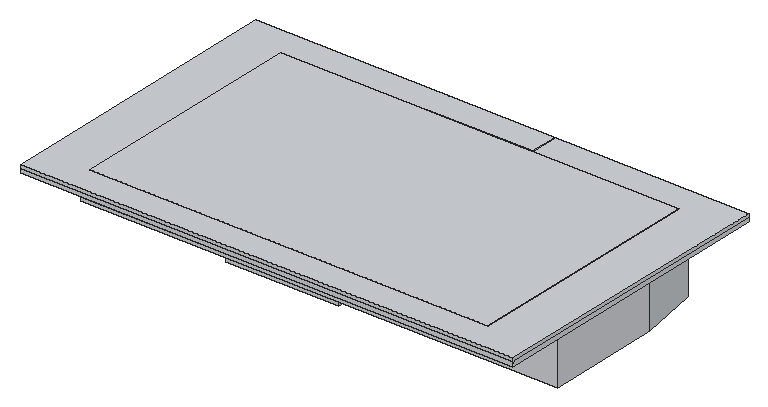
Revit family "Gira_206800", category Electrical Fixtures, host Face, Revit 2017
Family settings
  Host = Face
  Maintain Annotation Orientation = Yes
  Round Connector Dimension = Use Diameter
  Part Type = Normal
  Cut with Voids When Loaded = No
  Shared = No
  Room Calculation Point = No
Parameters
  Zentrale Funktionseinheit für Sender/Aktoren = "Ja"
  Werkstoffgüte = "sonstige"
  Werkstoff = "sonstige"
  Verfügbar = "Ja"
  URL = "http://katalog.gira.de/de_DE/datenblatt.html?artikelnr=206800"
  Transparent = "Nein"
  Schutzart (IP) = "IP20"
  Region = "DE"
  Oberfläche = "sonstige"
  Name = "Gira Control 19 Client 2 Elektronik"
  Montageart = "unter Putz"
  Mit Display = "Ja"
  Mit Busankopplung = "Ja"
  Manufacturer URL = "https://www.gira.de/"
  Kategorie = "Bussystem-Mehrfach Bediengerät"
  Manufacturer = "Gira"
  HeinzeBIM = "https://bimportal.heinze.de/bim/gira-control-19-client-2-elektronik/90bf491beb7395028b819c59b54ca369195fcbc3"
  HAN = "206800"
  GTIN = "4010337022367"
  Funk bidirektional = "Nein"
  Data sheet (1) = "https://katalog.gira.de/de_DE/download.html?artikelnr=206800"
  Category = "Bussystem-Mehrfach Bediengerät"
  Bussystem Powernet = "Nein"
  Bussystem LON = "Nein"
  Bussystem KNX-Funk = "Nein"
  Bussystem KNX = "Ja"
  Bussystem Funkbus = "Nein"
  Description = "Gira Control 19 Client 2   Der Gira Control 19 Client ist eine Anzeige- und Bedieneinheit zum Anschluss an den Gira HomeServer oder den Gira FacilityServer. Das Gerät ist PC-basiert und verfügt über einen TFT-Touchscreen mit 47 cm (19) Bilddiagonale.  Merkmale: - Visualisierung und Bedienung von Funktionen in der Gebäudesystemtechnik in Verbindung mit dem Gira HomeServer und oder dem Gira FacilityServer. - Anzeige von e-mails. - Wiedergabe von akustischen Signalen. - Als Wohnungsstation (mittels TKS-IP-Gateway) in Türkommunikationsanlagen geeignet. Gerätemerkmale: - PC mit Touchscreen. - Integriertes Netzteil. - Integrierter Lautsprecher. - Integriertes Mikrofon.  Software: Betriebssystem Microsoft(r) Windows(r) embedded Standard 7.:   Hinweise : - Kann auch in bestehende Gira Pro-face ServerClient 15 Gerätedosen verbaut werden. - Nur zur Verwendung im Innenbereich geeignet. - Anwendungsbereiche:    - Betrieb in stationärer Umgebung..   - Betrieb nur unter Umgebungsbedingungen die den Spezifikationen hinsichtlich Temperatur, Feuchte, Staub, Vibration usw. entsprechen.. - Der Gira AppShop ist der Marktplatz für interessante Lösungen und Anwendungen der intelligenten Gebäudetechnik. Inzwischen sind dort mehr als 200 Apps erhältlich, darunter Anwendungsbeschreibungen, Plug-ins, Funktionsvorlagen, Logikbausteine und Musterprojekte. Entdecken Sie jetzt Anwendungen für den Gira Control 19 Client 2.   www.appshop.gira.de."
  Keynote = "GiraHomeServer_GC19 Client"
  Default Elevation = 1219.2 mm
  BIM (1) = "https://media.live.bim.site/public/gira/9fde4c0/GiraHomeServer_GC19 Client.rfa?public/gira/9fde4c0/GiraHomeServer_GC19 Client.rfa"
  Available = "Yes"
  Ausführung der Oberfläche = "nicht zutreffend"
  Andere Bussysteme = "ohne"
Reference planes
  plane 1 "Center (Front/Back)": y = 0
  plane 2: z = 0
  plane 3 "Center (Left/Right)": x = 0
Forms (mm)
  Extrusion 1, solid, detail levels fine
    sketch origin (0, 0, 0) x (1, 0, 0) y (0, 1, 0)
      loop
        line (-216.7, -129.85) -> (216.7, -129.85) -> (216.7, 129.85) -> (-216.7, 129.85) -> (-216.7, -129.85)
    from 4 to 8.5
  Extrusion 2, solid, detail levels fine
    sketch origin (0, 0, 0) x (1, 0, 0) y (0, 1, 0)
      loop
        line (-57.5, 129.85) -> (57.5, 129.85) -> (57.5, 160) -> (-57.5, 160) -> (-57.5, 129.85)
    from 4 to 8.4
  Extrusion 3, solid, detail levels fine
    sketch origin (0, 0, 0) x (1, 0, 0) y (0, 1, 0)
      loop
        line (-268, -160) -> (268, -160) -> (268, 160) -> (-268, 160) -> (-268, -160)
    from 0 to 4
  Extrusion 4, solid, detail levels fine
    sketch origin (0, 0, 0) x (1, 0, 0) y (0, 1, 0)
      loop
        line (-247.541, 104.273) -> (-259.4, 37.016) -> (-259.4, -88) -> (259.4, -88) -> (259.4, 37.016) -> (247.629, 103.771) -> (211.4, 140) -> (-211.814, 140) -> (-247.541, 104.273)
    from -55.1 to 0
  Extrusion 5, solid, detail levels fine
    sketch origin (0, 0, 0) x (1, 0, 0) y (0, 1, 0)
      loop
        line (217.75, -140.25) -> (217.75, -88) -> (-217.75, -88) -> (-217.75, -140.25) -> (217.75, -140.25)
    from 0 to -14
  Extrusion 6, solid, detail levels fine
    sketch origin (0, 0, 0) x (-1, 0, 0) y (0, -1, 0)
      loop
        line (-15.978, 82.25) -> (-15.978, -14.657) -> (107.001, -14.657) -> (107.001, 82.25) -> (-15.978, 82.25)
    from -64 to -55.1
  Extrusion 7, solid, detail levels fine
    sketch origin (0, 0, 0) x (1, 0, 0) y (0, 0, 1)
      loop
        line (-17.926, -32.14) -> (-17.926, -46.14) -> (-0.926, -46.14) -> (-0.926, -32.14) -> (-17.926, -32.14)
    from 88 to 90
  Extrusion 8, solid, detail levels fine
    sketch origin (37.176, 0, 0) x (1, 0, 0) y (0, 0, 1)
      loop
        line (-36.153, -45.99) -> (-19.887, -45.99) -> (-19.887, -31.49) -> (-36.153, -31.49) -> (-36.153, -45.99)
    from 88 to 90
  Extrusion 9, solid, detail levels fine
    sketch origin (-3.847, 0, 0) x (1, 0, 0) y (0, 0, 1)
      loop
        line (-33.956, -45.59) -> (-16.256, -45.59) -> (-16.256, -39.16) -> (-33.956, -39.16) -> (-33.956, -45.59)
    from 88 to 90
  Extrusion 10, solid, detail levels fine
    sketch origin (-76.389, 0, 0) x (1, 0, 0) y (0, 0, 1)
      loop
        line (-31.824, -47.715) -> (0.002, -47.715) -> (0.002, -35.715) -> (-31.824, -35.715) -> (-31.824, -47.715)
    from 88 to 90
  Extrusion 11, solid, detail levels fine
    sketch origin (-41.389, 0, 0) x (1, 0, 0) y (0, 0, 1)
      loop
        line (-31.824, -47.715) -> (0.002, -47.715) -> (0.002, -35.715) -> (-31.824, -35.715) -> (-31.824, -47.715)
    from 88 to 90
  Extrusion 12, solid, detail levels fine
    sketch origin (82.667, 0, 0) x (1, 0, 0) y (0, 0, 1)
      loop
        line (-55.447, -47.85) -> (-19.887, -47.85) -> (-19.887, -30.311) -> (-55.447, -30.311) -> (-55.447, -47.85)
    from 88 to 90
  Extrusion 13, solid, detail levels fine
    sketch origin (112.667, 0, 0) x (1, 0, 0) y (0, 0, 1)
      loop
        circle (-32.667, -39.1) r 7.4
    from 88 to 90
  Extrusion 14, solid, detail levels coarse
    sketch origin (0, 0, 0) x (1, 0, 0) y (0, 1, 0)
      loop
        line (-268, -160) -> (268, -160) -> (268, 160) -> (-268, 160) -> (-268, -160)
    from -64 to 8.5
  Extrusion 15, solid, detail levels medium+fine
    sketch origin (0, 0, 0) x (1, 0, 0) y (0, 1, 0)
      loop
        line (-268, -160) -> (268, -160) -> (268, 160) -> (-268, 160) -> (-268, -160)
    from 0 to 8.5
  Extrusion 16, solid, detail levels medium
    sketch origin (0, 0, 0) x (1, 0, 0) y (0, 1, 0)
      loop
        line (-259.4, -88) -> (259.4, -88) -> (259.4, 140) -> (-259.4, 140) -> (-259.4, -88)
    from -55.1 to 0
Dimensions and locks
  aligned and locked: plane 2 to host face
  aligned and locked: level to host face
  aligned and locked: plane 3 "Center (Left/Right)" to nested 1
  aligned and locked: plane 1 "Center (Front/Back)" to nested 1
Nested families
  nested 1: "Home server" at (0, 0, 0), type "Home server"
Connectors
  electrical at (-9.426, -90, -39.14)
    settings: on Extrusion 7, index 1, voltage 0 V, apparent load 0 VA, apparent load phase1 0 VA, apparent load phase2 0 VA, apparent load phase3 0 VA, power factor 1, load classification "Other", number of poles 1, system type 5, power factor state 1, is connector primary yes, connector utility no, sub classification motor no, connector description ""
  electrical at (0, 0, -64)
    settings: on Extrusion 14, index 2, voltage 240 V, apparent load 0 VA, apparent load phase1 0 VA, apparent load phase2 0 VA, apparent load phase3 0 VA, power factor 1, load classification "Other", number of poles 1, system type 30, power factor state 1, is connector primary no, connector utility no, sub classification motor no, connector description ""
Definition of nested family "Home server"
  Reference planes
    plane 1: y = 0
    plane 2: x = 0
  Lines and regions (mm)
    detail lines
      curve 1: line (-0.526, 1.505, 0) -> (-0.768, 1.505, 0)
      curve 2: line (-0.775, 0.889, 0) -> (-0.946, 1.06, 0)
      curve 3: line (-0.785, 2.117, 0) -> (-0.956, 1.946, 0)
      curve 4: line (-1.401, 2.452, 0) -> (-1.401, 2.227, 0)
      curve 5: line (-2.013, 2.107, 0) -> (-1.842, 1.936, 0)
      curve 6: line (-2.003, 0.88, 0) -> (-1.832, 1.051, 0)
      curve 7: line (-1.387, 0.63, 0) -> (-1.387, 0.872, 0)
      curve 8: line (-1.401, 2.121, 0) -> (-1.401, 1.897, 0)
      curve 9: line (-1.614, 1.883, 0) -> (-1.614, 2.289, 0)
      curve 10: line (-1.401, 2.289, 0) -> (-1.614, 2.289, 0)
      curve 11: line (-1.401, 2.289, 0) -> (-1.188, 2.289, 0)
      curve 12: line (-1.188, 1.883, 0) -> (-1.188, 2.289, 0)
      curve 13: line (0.689, 2.287, 0) -> (0.689, 0.713, 0)
      curve 14: line (0.689, 2.287, 0) -> (2.15, 2.287, 0)
      curve 15: line (2.15, 2.287, 0) -> (2.15, 0.713, 0)
      curve 16: line (0.689, 0.713, 0) -> (2.15, 0.713, 0)
      curve 17: line (1.417, 1.217, 0) -> (1.417, 0.713, 0)
      curve 18: line (0.854, 1.389, 0) -> (1.978, 1.389, 0)
      curve 19: line (0.854, 1.612, 0) -> (1.978, 1.612, 0)
      curve 20: line (0.854, 1.841, 0) -> (1.978, 1.841, 0)
      curve 21: line (0.854, 2.067, 0) -> (1.978, 2.067, 0)
      curve 22: arc (-1.614, 1.883, 0) -> (-1.401, 1.055, 0) -> (-1.188, 1.883, 0) r 0.441
      curve 23: line (-2.276, 1.505, 0) -> (-2.034, 1.505, 0)
      curve 24: line (-2.813, 3, 0) -> (2.813, 3, 0)
      curve 25: line (2.813, 3, 0) -> (2.813, 0, 0)
      curve 26: line (2.813, 0, 0) -> (-2.813, 0, 0)
      curve 27: line (-2.813, 0, 0) -> (-2.813, 3, 0)
